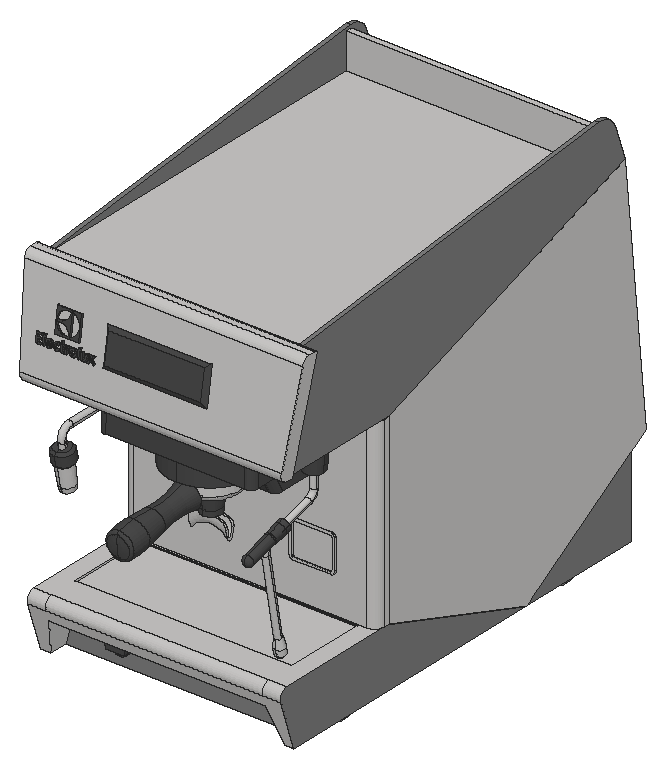
Revit family "QF_ELECTROLUXPROFESSIONAL_602507_MIRA1SA", category Specialty Equipment, Revit 2018 (continued)
Definition of nested family "ELX_Logo_S_New"
  Forms (mm)
    Extrusion 2, solid, material <- "M"
      sketch origin (0, 0, 0) x (1, 0, 0) y (0, 1, 0)
        loop
          spline (-17.695, -0.926) -> (-17.714, -0.681) -> (-17.771, -0.445) -> (-17.861, -0.221) -> (-17.984, -0.01) -> (-18.135, 0.184) -> (-18.314, 0.36) -> (-18.516, 0.516) -> (-18.741, 0.648) -> (-18.984, 0.755) -> (-19.244, 0.834) -> (-19.518, 0.883) -> (-19.804, 0.9)
          spline (-19.804, 0.9) -> (-20.11, 0.884) -> (-20.405, 0.835) -> (-20.686, 0.757) -> (-20.95, 0.652) -> (-21.195, 0.521) -> (-21.419, 0.367) -> (-21.618, 0.192) -> (-21.79, -0.003) -> (-21.934, -0.214) -> (-22.045, -0.439) -> (-22.122, -0.678) -> (-22.162, -0.926)
          line (-22.162, -0.926) -> (-17.695, -0.926)
        loop
          spline (-12.669, -1.807) -> (-12.646, -1.438) -> (-12.58, -1.088) -> (-12.472, -0.759) -> (-12.326, -0.455) -> (-12.145, -0.177) -> (-11.93, 0.072) -> (-11.685, 0.289) -> (-11.412, 0.473) -> (-11.114, 0.62) -> (-10.793, 0.728) -> (-10.453, 0.794) -> (-10.095, 0.817)
          spline (-10.095, 0.817) -> (-9.876, 0.81) -> (-9.665, 0.79) -> (-9.464, 0.756) -> (-9.271, 0.709) -> (-9.086, 0.65) -> (-8.908, 0.578) -> (-8.737, 0.495) -> (-8.572, 0.399) -> (-8.414, 0.292) -> (-8.261, 0.173) -> (-8.113, 0.044) -> (-7.969, -0.096)
          line (-7.969, -0.096) -> (-6.741, 1.183)
          spline (-6.741, 1.183) -> (-6.985, 1.427) -> (-7.237, 1.647) -> (-7.496, 1.843) -> (-7.762, 2.015) -> (-8.034, 2.164) -> (-8.312, 2.291) -> (-8.596, 2.397) -> (-8.886, 2.482) -> (-9.181, 2.546) -> (-9.481, 2.592) -> (-9.786, 2.619) -> (-10.095, 2.627)
          spline (-10.095, 2.627) -> (-10.715, 2.589) -> (-11.308, 2.476) -> (-11.871, 2.294) -> (-12.396, 2.046) -> (-12.88, 1.736) -> (-13.316, 1.369) -> (-13.7, 0.949) -> (-14.026, 0.48) -> (-14.289, -0.035) -> (-14.483, -0.59) -> (-14.604, -1.182) -> (-14.645, -1.807)
          spline (-14.645, -1.807) -> (-14.604, -2.431) -> (-14.483, -3.023) -> (-14.289, -3.578) -> (-14.026, -4.093) -> (-13.7, -4.562) -> (-13.316, -4.983) -> (-12.88, -5.35) -> (-12.396, -5.659) -> (-11.871, -5.907) -> (-11.308, -6.09) -> (-10.715, -6.202) -> (-10.095, -6.24)
          spline (-10.095, -6.24) -> (-9.786, -6.232) -> (-9.481, -6.205) -> (-9.181, -6.16) -> (-8.886, -6.095) -> (-8.596, -6.01) -> (-8.312, -5.904) -> (-8.034, -5.777) -> (-7.762, -5.628) -> (-7.496, -5.456) -> (-7.237, -5.26) -> (-6.985, -5.04) -> (-6.741, -4.796)
          line (-6.741, -4.796) -> (-7.969, -3.517)
          spline (-7.969, -3.517) -> (-8.113, -3.657) -> (-8.261, -3.786) -> (-8.414, -3.905) -> (-8.572, -4.012) -> (-8.737, -4.108) -> (-8.908, -4.192) -> (-9.086, -4.263) -> (-9.271, -4.323) -> (-9.464, -4.369) -> (-9.665, -4.403) -> (-9.876, -4.423) -> (-10.095, -4.43)
          spline (-10.095, -4.43) -> (-10.453, -4.408) -> (-10.793, -4.341) -> (-11.114, -4.233) -> (-11.412, -4.086) -> (-11.685, -3.902) -> (-11.93, -3.685) -> (-12.145, -3.436) -> (-12.326, -3.158) -> (-12.472, -2.854) -> (-12.58, -2.526) -> (-12.646, -2.176) -> (-12.669, -1.807)
        loop
          spline (-1.683, -4.138) -> (-1.858, -4.14) -> (-2.045, -4.127) -> (-2.24, -4.095) -> (-2.438, -4.04) -> (-2.633, -3.959) -> (-2.822, -3.85) -> (-2.998, -3.709) -> (-3.157, -3.533) -> (-3.294, -3.318) -> (-3.404, -3.061) -> (-3.483, -2.76) -> (-3.524, -2.411)
          line (-3.524, -2.411) -> (-3.524, 0.529) -> (-1.72, 0.529) -> (-1.72, 2.331) -> (-3.522, 2.331) -> (-3.522, 5.521) -> (-5.506, 5.521) -> (-5.506, -2.523)
          spline (-5.506, -2.523) -> (-5.463, -2.99) -> (-5.386, -3.429) -> (-5.274, -3.839) -> (-5.126, -4.218) -> (-4.941, -4.564) -> (-4.717, -4.877) -> (-4.455, -5.155) -> (-4.153, -5.396) -> (-3.81, -5.599) -> (-3.425, -5.762) -> (-2.998, -5.884) -> (-2.528, -5.964)
          line (-2.528, -5.964) -> (-1.69, -6.002) -> (-1.683, -4.138)
        loop
          spline (4.991, 2.446) -> (4.648, 2.468) -> (4.318, 2.461) -> (4.001, 2.429) -> (3.699, 2.371) -> (3.413, 2.288) -> (3.142, 2.182) -> (2.89, 2.052) -> (2.655, 1.901) -> (2.439, 1.728) -> (2.244, 1.535) -> (2.069, 1.322) -> (1.917, 1.091)
          line (1.917, 1.091) -> (1.917, 2.33) -> (-0.051, 2.33) -> (-0.051, -6.002) -> (1.917, -6.002) -> (1.917, -1.621)
          spline (1.917, -1.621) -> (1.935, -1.288) -> (1.988, -0.979) -> (2.075, -0.693) -> (2.195, -0.432) -> (2.345, -0.197) -> (2.526, 0.01) -> (2.736, 0.189) -> (2.972, 0.338) -> (3.235, 0.456) -> (3.522, 0.541) -> (3.832, 0.594) -> (4.165, 0.611)
          line (4.165, 0.611) -> (4.991, 0.529) -> (4.991, 2.446)
        loop
          spline (14.388, -1.836) -> (14.347, -1.224) -> (14.226, -0.642) -> (14.031, -0.093) -> (13.768, 0.418) -> (13.441, 0.887) -> (13.057, 1.308) -> (12.621, 1.677) -> (12.137, 1.989) -> (11.612, 2.24) -> (11.051, 2.425) -> (10.459, 2.539) -> (9.842, 2.578)
          spline (9.842, 2.578) -> (9.221, 2.539) -> (8.627, 2.425) -> (8.064, 2.24) -> (7.539, 1.989) -> (7.056, 1.677) -> (6.62, 1.308) -> (6.237, 0.887) -> (5.912, 0.418) -> (5.65, -0.093) -> (5.456, -0.642) -> (5.336, -1.224) -> (5.295, -1.836)
          spline (5.295, -1.836) -> (5.336, -2.447) -> (5.456, -3.029) -> (5.65, -3.578) -> (5.912, -4.089) -> (6.237, -4.558) -> (6.62, -4.979) -> (7.056, -5.348) -> (7.539, -5.66) -> (8.064, -5.911) -> (8.627, -6.096) -> (9.221, -6.211) -> (9.842, -6.25)
          spline (9.842, -6.25) -> (10.459, -6.211) -> (11.051, -6.096) -> (11.612, -5.911) -> (12.137, -5.66) -> (12.621, -5.348) -> (13.057, -4.979) -> (13.441, -4.558) -> (13.768, -4.089) -> (14.031, -3.578) -> (14.226, -3.029) -> (14.347, -2.447) -> (14.388, -1.836)
        loop
          spline (12.42, -1.836) -> (12.397, -1.475) -> (12.33, -1.131) -> (12.222, -0.807) -> (12.075, -0.504) -> (11.893, -0.227) -> (11.677, 0.022) -> (11.431, 0.241) -> (11.157, 0.426) -> (10.859, 0.575) -> (10.538, 0.685) -> (10.198, 0.753) -> (9.842, 0.777)
          spline (9.842, 0.777) -> (9.482, 0.753) -> (9.14, 0.685) -> (8.818, 0.575) -> (8.519, 0.426) -> (8.246, 0.241) -> (8.001, 0.022) -> (7.786, -0.227) -> (7.605, -0.504) -> (7.459, -0.807) -> (7.352, -1.131) -> (7.286, -1.475) -> (7.263, -1.836)
          spline (7.263, -1.836) -> (7.286, -2.196) -> (7.352, -2.54) -> (7.459, -2.865) -> (7.605, -3.167) -> (7.786, -3.444) -> (8.001, -3.694) -> (8.246, -3.912) -> (8.519, -4.098) -> (8.818, -4.247) -> (9.14, -4.357) -> (9.482, -4.425) -> (9.842, -4.448)
          spline (9.842, -4.448) -> (10.198, -4.425) -> (10.538, -4.357) -> (10.859, -4.247) -> (11.157, -4.098) -> (11.431, -3.912) -> (11.677, -3.694) -> (11.893, -3.444) -> (12.075, -3.167) -> (12.222, -2.865) -> (12.33, -2.54) -> (12.397, -2.196) -> (12.42, -1.836)
        loop
          line (15.608, 0.275) -> (15.608, -6.002) -> (17.593, -6.002) -> (17.593, 5.521) -> (15.608, 5.521) -> (15.608, 0.275)
        loop
          line (24.747, 2.33) -> (24.747, -2.513)
          spline (24.747, -2.513) -> (24.731, -2.828) -> (24.685, -3.112) -> (24.61, -3.366) -> (24.507, -3.59) -> (24.38, -3.785) -> (24.229, -3.952) -> (24.056, -4.091) -> (23.863, -4.203) -> (23.652, -4.29) -> (23.425, -4.35) -> (23.183, -4.386) -> (22.928, -4.398)
          spline (22.928, -4.398) -> (22.674, -4.386) -> (22.432, -4.35) -> (22.205, -4.29) -> (21.994, -4.204) -> (21.802, -4.092) -> (21.629, -3.954) -> (21.478, -3.788) -> (21.35, -3.595) -> (21.248, -3.373) -> (21.173, -3.122) -> (21.126, -2.841) -> (21.11, -2.53)
          line (21.11, -2.53) -> (21.11, 2.33) -> (19.11, 2.33) -> (19.11, -2.696)
          spline (19.11, -2.696) -> (19.145, -3.265) -> (19.248, -3.783) -> (19.413, -4.25) -> (19.636, -4.667) -> (19.912, -5.033) -> (20.236, -5.349) -> (20.603, -5.616) -> (21.008, -5.833) -> (21.446, -6.001) -> (21.913, -6.121) -> (22.403, -6.193) -> (22.912, -6.217)
          spline (22.912, -6.217) -> (23.425, -6.193) -> (23.92, -6.12) -> (24.39, -5.998) -> (24.832, -5.828) -> (25.241, -5.607) -> (25.611, -5.337) -> (25.937, -5.016) -> (26.216, -4.645) -> (26.441, -4.222) -> (26.608, -3.749) -> (26.711, -3.223) -> (26.747, -2.646)
          line (26.747, -2.646) -> (26.747, 2.33) -> (24.747, 2.33)
        loop
          line (34.253, -3.337) -> (33.002, -1.588) -> (34.551, 0.523) -> (35.878, 2.33) -> (33.713, 2.33) -> (31.91, -0.166) -> (30.092, 2.33) -> (27.943, 2.33) -> (29.175, 0.645) -> (30.82, -1.604) -> (29.096, -4.004) -> (27.662, -6.002) -> (29.794, -6.002) -> (31.91, -3.059) -> (34.027, -6.002) -> (36.159, -6.002) -> (34.253, -3.337)
      from 0 to 1.644
  Dimensions and locks
    aligned and locked: plane 2 to Extrusion 1
    aligned and locked: level to Extrusion 1
Types (2, lengths in mm): name | URL | Manufacturer | Phase | Model | Description | Cold Water Size
  (no name) | 0 | 0 | 0 | 0 | 0 | 0
  QF_ELECTROLUX_602507_MIRA1SA | "http://professional.electrolux.com" | "Electrolux" | 1 | "MIRA1SA" | "ESPRESSO MACHINE 1 GROUP - 6.3LT BOILER- PROGRAMMABLE WATER - STEAMAIR" | 9.525
